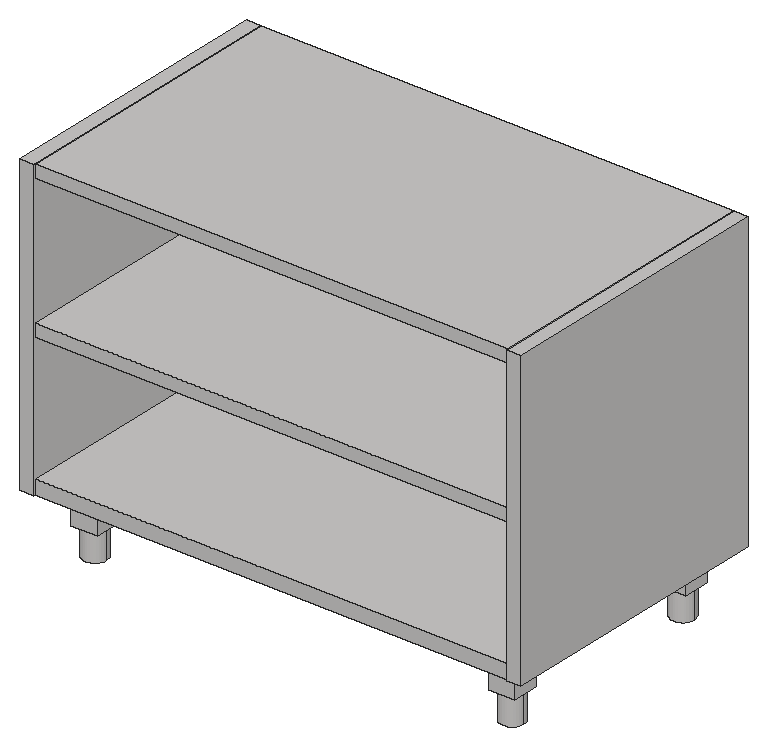
Revit family "QF_ELECTROLUXPROFESSIONAL_121813_TERG12", category Attrezzature speciali, Revit 2020
Family settings
  Quota connettore circolare = Usa diametro
  Tipo di parte = Normale
  Basato su piano di lavoro = No
  Sempre verticale = Sì
  Taglio con vuoti quando caricato = No
  Condiviso = No
  Punto di calcolo locali = No
Parameters (values of type "Standard")
  Weight = 13.00 kg
  Watts = 0 W
  Volts = 0 V
  URL Manufacturer = "https://www.electroluxprofessional.com/"
  URL = "https://www.electroluxprofessional.com/"
  Steam Supply Size = 0 mm
  Steam Supply Minimum Pressure = 0.0 Pa
  Steam Supply Maximum Pressure = 0.0 Pa
  Steam Consumption per Hour = 0
  Refrigeration Suction Line Size = 0.0 mm
  Refrigeration Liquid Line Size = 0.0 mm
  Refrigerant Compressor Remote = yes
  Prospetto di default = 0.0 mm
  Phase = 0
  Modello = "TERG12"
  Produttore = "Electrolux Professional"
  Length Actual = 1200.0 mm  # constant formula
  Item Number = "121813"
  Hot Water Size = 0 mm
  Height Actual = 860.0 mm  # constant formula
  HP = "0 HP"
  Gas Size = 0 mm
  Gas KW = 0
  Gas Input Pressure = 0 W
  Direct Waste Size = 0 mm
  Descrizione = "OPEN AMBIENT UNIT 1200MM"
  Depth Actual = 680.0 mm  # constant formula
  Cycle = 0 Hz
  Condensate Return Size = 0 mm
  Compressed Air Volume = 0.0 L/s
  Compressed Air Size = 0 mm
  Compressed Air Pressure = 0.0 Pa
  Cold Water Size = 0 mm
  Accessory = yes
Reference planes
  plane 1 "Center (Front/Back)": y = 0
  plane 2: z = 0
  plane 3 "Center (Left/Right)": x = -300
  plane 4 "LEFT": x = -900
  plane 5 "RIGHT": x = 300
  plane 6 "BACK": y = 340
  plane 7 "FRONT": y = -340
  plane 8 "Base": z = 860
  plane 9 "TOP": z = 900
  plane 10: x = -800
  plane 11: x = 200
  plane 12: y = 270
  plane 13: y = -240
  plane 14 "FEET": z = 150
  plane 15: x = 152.5
  plane 16: x = -866
  plane 17: x = 266
  plane 18: y = -337
  plane 19: y = 310
Forms (mm)
  Extrusion 1, solid, material "QF_Finishes_Stainless Steel"
    sketch origin (0, 0, 150) x (-1, 0, 0) y (0, -1, 0)
      loop
        line (900, -340) -> (900, 340) -> (866, 340) -> (866, -340) -> (900, -340)
      loop
        line (-266, -340) -> (-266, 340) -> (-300, 340) -> (-300, -340) -> (-266, -340)
    from 0 to 710
  Extrusion 2, solid, material "QF_Finishes_Stainless Steel"
    sketch origin (0, 0, 150) x (-1, 0, 0) y (0, -1, 0)
      loop
        line (866, -310) -> (866, 337) -> (-266, 337) -> (-266, -310) -> (866, -310)
    from 0 to 35
  Extrusion 3, solid, material "QF_Finishes_Stainless Steel"
    sketch origin (0, 0, 0) x (1, 0, 0) y (0, 1, 0)
      loop
        line (-866, -337) -> (266, -337) -> (266, 310) -> (-866, 310) -> (-866, -337)
    from 490 to 520
  Extrusion 4, solid, material "QF_Finishes_Stainless Steel"
    sketch origin (0, 0, 0) x (1, 0, 0) y (0, 1, 0)
      loop
        line (-866, -337) -> (266, -337) -> (266, 340) -> (-866, 340) -> (-866, -337)
    from 830 to 860
  Extrusion 5, solid, material "QF_Finishes_Stainless Steel"
    sketch origin (0, 0, 150) x (-1, 0, 0) y (0, -1, 0)
      loop
        line (866, -340) -> (866, -310) -> (-266, -310) -> (-266, -340) -> (866, -340)
    from 680 to 0
Lines and regions (mm)
  symbolic lines, style "SpecialityEquipmentHiddenLines"
    curve 1: line (300, 340, 900) -> (-900, 340, 900)
    curve 2: line (300, -340, 900) -> (300, 340, 900)
    curve 3: line (-900, -344.5, 150) -> (-900, 340, 150)
    curve 4: line (-900, -340, 150) -> (-866, -340, 150)
    curve 5: line (-866, -340, 150) -> (-866, -337, 150)
    curve 6: line (-866, -337, 150) -> (266, -337, 150)
    curve 7: line (266, -337, 150) -> (266, -340, 150)
    curve 8: line (266, -340, 150) -> (300, -340, 150)
Dimensions and locks
  plane 4 "LEFT" to plane 5 "RIGHT" = 1200.0 mm
  equal spacing: plane 4 "LEFT", plane 3 "Center (Left/Right)", plane 5 "RIGHT"
  plane 6 "BACK" to plane 7 "FRONT" = 680.0 mm
  equal spacing: plane 6 "BACK", plane 1 "Center (Front/Back)", plane 7 "FRONT"
  locked: plane 14 "FEET" to level at 150
  locked: plane 4 "LEFT" to plane 10 at 100
  locked: plane 11 to plane 5 "RIGHT" at 100
  locked: plane 4 "LEFT" to plane 16 at 34
  locked: plane 17 to plane 5 "RIGHT" at 34
  plane 18 to plane 7 "FRONT" = 3.0 mm
  plane 6 "BACK" to plane 19 = 30.0 mm
  locked: plane 6 "BACK" to plane 12 at 70
  locked: plane 13 to plane 7 "FRONT" at 100
  locked: plane 8 "Base" to level at 860
  locked: plane 9 "TOP" to level at 900
  aligned and locked: level to plane 2
  aligned and locked: plane 10 to nested 1
  aligned and locked: plane 11 to nested 2
  aligned and locked: plane 11 to nested 4
  aligned and locked: nested 4 to plane 12
  aligned and locked: plane 10 to nested 3
  aligned and locked: nested 3 to plane 12
  aligned and locked: plane 8 "Base" to Extrusion 1
  aligned and locked: plane 6 "BACK" to Extrusion 1 sketch curve
  aligned and locked: Extrusion 1 sketch curve to plane 6 "BACK"
  aligned and locked: plane 7 "FRONT" to Extrusion 1 sketch curve
  aligned and locked: Extrusion 1 sketch curve to plane 7 "FRONT"
  aligned and locked: plane 16 to Extrusion 1
  aligned and locked: Extrusion 1 to plane 17
  aligned and locked: Extrusion 2 to plane 16
  aligned and locked: plane 17 to Extrusion 2
  aligned and locked: plane 17 to Extrusion 3
  aligned and locked: Extrusion 3 to plane 16
  aligned and locked: plane 8 "Base" to Extrusion 4
  aligned and locked: Extrusion 2 to plane 18
  aligned and locked: Extrusion 2 to plane 19
  aligned and locked: Extrusion 3 to plane 19
  aligned and locked: Extrusion 4 to plane 18
  aligned and locked: Extrusion 3 to plane 18
  aligned and locked: plane 16 to Extrusion 5 sketch curve
  aligned and locked: Extrusion 5 sketch curve to plane 17
  aligned and locked: Extrusion 5 sketch curve to plane 6 "BACK"
  aligned and locked: Extrusion 5 sketch curve to plane 19
  aligned and locked: Extrusion 5 to Extrusion 4
  aligned and locked: Extrusion 5 to plane 14 "FEET"
  aligned and locked: plane 6 "BACK" to Extrusion 4
  aligned and locked: nested 1 to plane 13
  aligned and locked: nested 2 to plane 13
Automatic sketch dimensions
  curve 2 to plane 5 "RIGHT" = 0.0 mm
  curve 2 to plane 7 "FRONT" = 0.0 mm
  curve 1 to plane 4 "LEFT" = 0.0 mm
  curve 1 to plane 6 "BACK" = 0.0 mm
  Extrusion 1 sketch curve to plane 5 "RIGHT" = 0.0 mm
  Extrusion 1 sketch curve to plane 17 = 0.0 mm
  Extrusion 1 sketch curve to plane 16 = 0.0 mm
  Extrusion 1 sketch curve to plane 4 "LEFT" = 0.0 mm
  Extrusion 2 sketch curve to plane 17 = 0.0 mm
  Extrusion 2 sketch curve to plane 16 = 0.0 mm
  plane 19 to Extrusion 2 sketch curve = 0.0 mm
  Extrusion 2 sketch curve to plane 18 = 0.0 mm
  curve 8 to plane 5 "RIGHT" = 0.0 mm
  curve 8 to plane 7 "FRONT" = 0.0 mm
  curve 8 to plane 17 = 0.0 mm
  curve 6 to plane 16 = 0.0 mm
  curve 3 to plane 4 "LEFT" = 0.0 mm
  curve 3 to plane 6 "BACK" = 0.0 mm
  curve 6 to plane 18 = 0.0 mm
  curve 4 to plane 7 "FRONT" = 0.0 mm
  curve 4 to curve 3 = 4.5 mm
  Extrusion 3 sketch curve to plane 16 = 0.0 mm
  Extrusion 3 sketch curve to plane 17 = 0.0 mm
  Extrusion 3 sketch curve to plane 18 = 0.0 mm
  plane 19 to Extrusion 3 sketch curve = 0.0 mm
  Extrusion 4 sketch curve to plane 16 = 0.0 mm
  Extrusion 4 sketch curve to plane 17 = 0.0 mm
  Extrusion 4 sketch curve to plane 18 = 0.0 mm
  Extrusion 4 sketch curve to plane 19 = 30.0 mm
Nested families
  nested 1: "FEET_L63-150" at (-800, -240, 0), type "FEET_L63-150"
  nested 2: "FEET_L63-150" at (200, -240, 0), type "FEET_L63-150"
  nested 3: "FEET_L63-150" at (-800, 270, 0), type "FEET_L63-150"
  nested 4: "FEET_L63-150" at (200, 270, 0), type "FEET_L63-150"
Definition of nested family "FEET_L63-150"
  Parameters
    Default Elevation = 0.0 mm
    FEET = 150.0 mm
  Reference planes
    plane 1 "Center (Front/Back)": y = 0
    plane 2: z = 0
    plane 3 "Center (Left/Right)": x = 0
    plane 4: z = 150
  Forms (mm)
    Extrusion 1, solid
      sketch origin (0, 0, 0) x (1, 0, 0) y (0, 1, 0)
        loop
          circle (0, 0) r 28
      from 0 to 67
    Extrusion 2, solid
      sketch origin (0, 0, 0) x (1, 0, 0) y (0, 1, 0)
        loop
          line (31.561, 31.5) -> (-31.439, 31.5) -> (-31.439, -31.5) -> (31.561, -31.5) -> (31.561, 31.5)
      from 67 to 150 <- "FEET"
  Lines and regions (mm)
    symbolic lines
      curve 1: line (0, -1.503, 0) -> (0, 1.508, 0)
      curve 2: line (1.561, 0, 0) -> (-1.439, 0, 0)
  Dimensions and locks
    "FEET": plane 4 to plane 2
    aligned and locked: level to plane 2
  Automatic sketch dimensions
    plane 1 "Center (Front/Back)" to Extrusion 1 sketch curve = 0.0 mm
    Extrusion 1 sketch curve to plane 3 "Center (Left/Right)" = 0.0 mm
    plane 1 "Center (Front/Back)" to curve 2 = 0.0 mm
    curve 1 to plane 3 "Center (Left/Right)" = 0.0 mm
    curve 2 to plane 3 "Center (Left/Right)" = 1.439 mm
    plane 3 "Center (Left/Right)" to curve 2 = 1.561 mm
    plane 1 "Center (Front/Back)" to curve 1 = 1.503 mm
    curve 1 to plane 1 "Center (Front/Back)" = 1.508 mm
    Extrusion 2 sketch curve to plane 1 "Center (Front/Back)" = 31.5 mm
    Extrusion 2 sketch curve to plane 3 "Center (Left/Right)" = 31.439 mm
    plane 3 "Center (Left/Right)" to Extrusion 2 sketch curve = 31.561 mm
    plane 1 "Center (Front/Back)" to Extrusion 2 sketch curve = 31.5 mm
    radius of Extrusion 1 sketch curve = 28.0 mm
